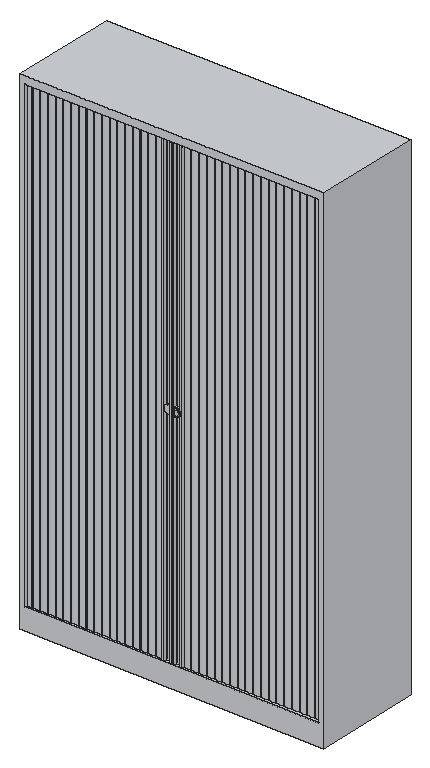
Revit family "EuroTambours_Double", category Furniture, Revit 2016
Family settings
  OmniClass Number = 23.40.20.00
  OmniClass Title = General Furniture and Specialties
  Work Plane-Based = No
  Always vertical = Yes
  Cut with Voids When Loaded = No
  Shared = No
  Room Calculation Point = No
Parameters (values of type "ET412/19")
  Width = 1200 mm
  Tambour array = 18
  Start door height = -5 mm
  Plinth height = 85 mm
  Height = 1980 mm
  Doors height = Height - Plinth height - 13 mm - 3 mm - 3 mm - 30 mm + Start door height  # 1841 mm
  Depth = 430 mm
Reference planes
  plane 1 "Center (Front/Back)": y = 0
  plane 2: z = 7
  plane 3 "Center (Left/Right)": x = 0
  plane 4: x = -600
  plane 5: x = 600
  plane 6: y = 195
  plane 7: y = -235
  plane 8: z = 1987
  plane 9: z = 20
  plane 10: z = 105
  plane 11: x = -580
  plane 12: x = 580
  plane 13: y = 190
  plane 14: x = 477
  plane 15: y = -215
  plane 16: z = 108
  plane 17: x = -477
  plane 18: x = 420
  plane 19: x = -420
  plane 20: y = -190
  plane 21: y = 150
  plane 22: z = 974
  plane 23: z = 1003.5
  plane 24: z = 1003.5
Forms (mm)
  Extrusion 1, solid
    sketch origin (0, 0, 7) x (1, 0, 0) y (0, 1, 0)
      loop
        line (-600, 195) -> (-600, -235) -> (600, -235) -> (600, 195) -> (-600, 195)
    from 13 to 1980
  Extrusion 2, void
    sketch origin (0, 0, 0) x (1, 0, 0) y (0, 0, 1)
      loop
        line (-580, 1957) -> (-580, 105) -> (580, 105) -> (580, 1957) -> (-580, 1957)
    from -190 to 235
  Extrusion 3, solid, not visible
    sketch origin (-14, 0, -11.486) x (0, 0, -1) y (0, -1, 0)
      loop
        line (-375, 215) -> (-73.486, 215) -> (-73.486, 235) -> (-323.022, 235) -> (-358, 216.402) -> (-373.358, 216.402) -> (-373.358, 233.251) -> (-358, 233.251) -> (-358, 235) -> (-375, 235) -> (-375, 215)
    from -391 to 363
  Extrusion 4, solid
    sketch origin (0, 0, 7) x (1, 0, 0) y (0, 1, 0)
      loop
        circle (420, 150) r 25
      loop
        circle (420, -190) r 25
      loop
        circle (-420, -190) r 25
      loop
        circle (-420, 150) r 25
    from 0 to 9
  Extrusion 5, solid
    sketch origin (0, 0, 7) x (1, 0, 0) y (0, 1, 0)
      loop
        circle (-420, 150) r 10
      loop
        circle (420, 150) r 10
      loop
        circle (420, -190) r 10
      loop
        circle (-420, -190) r 10
    from 9 to 13
  Extrusion 6, solid
    sketch origin (264.655, -137.294, 113) x (1, 0, 0) y (0, 1, 0)
      loop
        line (-264.322, -77.42) -> (-264.322, -96.46)
        arc (-264.322, -96.46) -> (-264.041, -97.139) -> (-263.362, -97.42) r 0.96
        line (-263.362, -97.42) -> (-258.275, -97.42)
        arc (-258.275, -97.42) -> (-257.601, -97.141) -> (-257.322, -96.468) r 0.953
        line (-257.322, -96.468) -> (-257.322, -88.389)
        arc (-257.322, -88.389) -> (-256.452, -86.29) -> (-254.353, -85.42) r 2.969
        line (-254.353, -85.42) -> (-235.314, -85.42)
        arc (-235.314, -85.42) -> (-233.199, -86.297) -> (-232.322, -88.413) r 2.992
        line (-232.322, -88.413) -> (-232.322, -96.414)
        arc (-232.322, -96.414) -> (-232.027, -97.126) -> (-231.315, -97.42) r 1.007
        line (-231.315, -97.42) -> (-226.368, -97.42)
        arc (-226.368, -97.42) -> (-225.628, -97.114) -> (-225.322, -96.374) r 1.046
        line (-225.322, -96.374) -> (-225.322, -77.42) -> (-264.322, -77.42)
    from -5 <- "Start door height" to 1841 <- "Doors height"
  Extrusion 7, solid
    sketch origin (255.156, -5.624, 113) x (1, 0, 0) y (0, 1, 0)
      loop
        line (-185.435, -220.343) -> (-184.495, -218.714) -> (-191.548, -214.133) -> (-212.909, -214.133) -> (-213.846, -217.63) -> (-215.08, -219.737)
        arc (-215.08, -219.737) -> (-215.096, -220.129) -> (-214.779, -220.36) r 0.417
        arc (-214.779, -220.36) -> (-200.106, -221.403) -> (-185.435, -220.343) r 102.932
    from -5 <- "Start door height" to 1841 <- "Doors height"
  Extrusion 8, solid
    sketch origin (285.658, -5.624, 113) x (1, 0, 0) y (0, 1, 0)
      loop
        line (-185.435, -220.343) -> (-184.495, -218.714) -> (-191.548, -214.133) -> (-212.909, -214.133) -> (-213.846, -217.63) -> (-215.08, -219.737)
        arc (-215.08, -219.737) -> (-215.096, -220.129) -> (-214.779, -220.36) r 0.417
        arc (-214.779, -220.36) -> (-200.106, -221.403) -> (-185.435, -220.343) r 102.932
    from -5 <- "Start door height" to 1841 <- "Doors height"
  Extrusion 9, solid
    sketch origin (316.159, -5.624, 113) x (1, 0, 0) y (0, 1, 0)
      loop
        line (-185.435, -220.343) -> (-184.495, -218.714) -> (-191.548, -214.133) -> (-212.909, -214.133) -> (-213.846, -217.63) -> (-215.08, -219.737)
        arc (-215.08, -219.737) -> (-215.096, -220.129) -> (-214.779, -220.36) r 0.417
        arc (-214.779, -220.36) -> (-200.106, -221.403) -> (-185.435, -220.343) r 102.932
    from -5 <- "Start door height" to 1841 <- "Doors height"
  Extrusion 10, solid
    sketch origin (346.661, -5.624, 113) x (1, 0, 0) y (0, 1, 0)
      loop
        line (-185.435, -220.343) -> (-184.495, -218.714) -> (-191.548, -214.133) -> (-212.909, -214.133) -> (-213.846, -217.63) -> (-215.08, -219.737)
        arc (-215.08, -219.737) -> (-215.096, -220.129) -> (-214.779, -220.36) r 0.417
        arc (-214.779, -220.36) -> (-200.106, -221.403) -> (-185.435, -220.343) r 102.932
    from -5 <- "Start door height" to 1841 <- "Doors height"
  Extrusion 11, solid
    sketch origin (377.163, -5.624, 113) x (1, 0, 0) y (0, 1, 0)
      loop
        line (-185.435, -220.343) -> (-184.495, -218.714) -> (-191.548, -214.133) -> (-212.909, -214.133) -> (-213.846, -217.63) -> (-215.08, -219.737)
        arc (-215.08, -219.737) -> (-215.096, -220.129) -> (-214.779, -220.36) r 0.417
        arc (-214.779, -220.36) -> (-200.106, -221.403) -> (-185.435, -220.343) r 102.932
    from -5 <- "Start door height" to 1841 <- "Doors height"
  Extrusion 12, solid
    sketch origin (407.665, -5.624, 113) x (1, 0, 0) y (0, 1, 0)
      loop
        line (-185.435, -220.343) -> (-184.495, -218.714) -> (-191.548, -214.133) -> (-212.909, -214.133) -> (-213.846, -217.63) -> (-215.08, -219.737)
        arc (-215.08, -219.737) -> (-215.096, -220.129) -> (-214.779, -220.36) r 0.417
        arc (-214.779, -220.36) -> (-200.106, -221.403) -> (-185.435, -220.343) r 102.932
    from -5 <- "Start door height" to 1841 <- "Doors height"
  Extrusion 13, solid
    sketch origin (438.166, -5.624, 113) x (1, 0, 0) y (0, 1, 0)
      loop
        line (-185.435, -220.343) -> (-184.495, -218.714) -> (-191.548, -214.133) -> (-212.909, -214.133) -> (-213.846, -217.63) -> (-215.08, -219.737)
        arc (-215.08, -219.737) -> (-215.096, -220.129) -> (-214.779, -220.36) r 0.417
        arc (-214.779, -220.36) -> (-200.106, -221.403) -> (-185.435, -220.343) r 102.932
    from -5 <- "Start door height" to 1841 <- "Doors height"
  Extrusion 14, solid
    sketch origin (468.668, -5.624, 113) x (1, 0, 0) y (0, 1, 0)
      loop
        line (-185.435, -220.343) -> (-184.495, -218.714) -> (-191.548, -214.133) -> (-212.909, -214.133) -> (-213.846, -217.63) -> (-215.08, -219.737)
        arc (-215.08, -219.737) -> (-215.096, -220.129) -> (-214.779, -220.36) r 0.417
        arc (-214.779, -220.36) -> (-200.106, -221.403) -> (-185.435, -220.343) r 102.932
    from -5 <- "Start door height" to 1841 <- "Doors height"
  Extrusion 15, solid
    sketch origin (499.17, -5.624, 113) x (1, 0, 0) y (0, 1, 0)
      loop
        line (-185.435, -220.343) -> (-184.495, -218.714) -> (-191.548, -214.133) -> (-212.909, -214.133) -> (-213.846, -217.63) -> (-215.08, -219.737)
        arc (-215.08, -219.737) -> (-215.096, -220.129) -> (-214.779, -220.36) r 0.417
        arc (-214.779, -220.36) -> (-200.106, -221.403) -> (-185.435, -220.343) r 102.932
    from -5 <- "Start door height" to 1841 <- "Doors height"
  Extrusion 16, solid
    sketch origin (529.671, -5.624, 113) x (1, 0, 0) y (0, 1, 0)
      loop
        line (-185.435, -220.343) -> (-184.495, -218.714) -> (-191.548, -214.133) -> (-212.909, -214.133) -> (-213.846, -217.63) -> (-215.08, -219.737)
        arc (-215.08, -219.737) -> (-215.096, -220.129) -> (-214.779, -220.36) r 0.417
        arc (-214.779, -220.36) -> (-200.106, -221.403) -> (-185.435, -220.343) r 102.932
    from -5 <- "Start door height" to 1841 <- "Doors height"
  Extrusion 17, solid
    sketch origin (378.522, -222.715, 0) x (1, 0, 0) y (0, 0, 1)
      loop
        circle (-357.536, 1003.5) r 12.707
    from 0 to 12.484
  Extrusion 18, solid
    sketch origin (379.047, -222.715, -0.001) x (1, 0, 0) y (0, 0, 1)
      loop
        circle (-357.889, 1003.5) r 8.648
    from 0 to 14.49
  Extrusion 19, solid
    sketch origin (378.522, -222.715, 0) x (1, 0, 0) y (0, 0, 1)
      loop
        line (-372.081, 1021.827) -> (-372.081, 985.173)
        spline (-372.081, 985.173) -> (-366.297, 985.987) -> (-361.407, 987.068) -> (-357.326, 988.355) -> (-353.969, 989.782) -> (-351.252, 991.286) -> (-349.09, 992.802) -> (-347.398, 994.267) -> (-346.099, 995.652) -> (-345.149, 997.09) -> (-344.513, 998.759) -> (-344.156, 1000.837) -> (-344.045, 1003.5)
        spline (-344.045, 1003.5) -> (-344.156, 1006.163) -> (-344.513, 1008.241) -> (-345.149, 1009.91) -> (-346.099, 1011.348) -> (-347.398, 1012.733) -> (-349.09, 1014.198) -> (-351.252, 1015.714) -> (-353.969, 1017.218) -> (-357.326, 1018.645) -> (-361.407, 1019.932) -> (-366.297, 1021.013) -> (-372.081, 1021.827)
    from 0 to 10
  Extrusion 20, solid
    sketch origin (560.173, -5.624, 113) x (1, 0, 0) y (0, 1, 0)
      loop
        line (-185.435, -220.343) -> (-184.495, -218.714) -> (-191.548, -214.133) -> (-212.909, -214.133) -> (-213.846, -217.63) -> (-215.08, -219.737)
        arc (-215.08, -219.737) -> (-215.096, -220.129) -> (-214.779, -220.36) r 0.417
        arc (-214.779, -220.36) -> (-200.106, -221.403) -> (-185.435, -220.343) r 102.932
    from -5 <- "Start door height" to 1841 <- "Doors height"
  Extrusion 21, solid
    sketch origin (-264.655, -137.294, 113) x (-1, 0, 0) y (0, -1, 0)
      loop
        line (-264.322, 77.42) -> (-225.322, 77.42) -> (-225.322, 96.374)
        arc (-225.322, 96.374) -> (-225.628, 97.114) -> (-226.368, 97.42) r 1.046
        line (-226.368, 97.42) -> (-231.315, 97.42)
        arc (-231.315, 97.42) -> (-232.027, 97.126) -> (-232.322, 96.414) r 1.007
        line (-232.322, 96.414) -> (-232.322, 88.413)
        arc (-232.322, 88.413) -> (-233.199, 86.297) -> (-235.314, 85.42) r 2.992
        line (-235.314, 85.42) -> (-254.353, 85.42)
        arc (-254.353, 85.42) -> (-256.452, 86.29) -> (-257.322, 88.389) r 2.969
        line (-257.322, 88.389) -> (-257.322, 96.468)
        arc (-257.322, 96.468) -> (-257.601, 97.141) -> (-258.275, 97.42) r 0.953
        line (-258.275, 97.42) -> (-263.362, 97.42)
        arc (-263.362, 97.42) -> (-264.041, 97.139) -> (-264.322, 96.46) r 0.96
        line (-264.322, 96.46) -> (-264.322, 77.42)
    from -5 <- "Start door height" to 1841 <- "Doors height"
  Extrusion 22, solid
    sketch origin (773.685, -5.624, 113) x (1, 0, 0) y (0, 1, 0)
      loop
        arc (-843.406, -220.343) -> (-828.735, -221.403) -> (-814.062, -220.36) r 102.932
        arc (-814.062, -220.36) -> (-813.745, -220.129) -> (-813.761, -219.737) r 0.417
        line (-813.761, -219.737) -> (-814.995, -217.63) -> (-815.932, -214.133) -> (-837.293, -214.133) -> (-844.346, -218.714) -> (-843.406, -220.343)
    from -5 <- "Start door height" to 1841 <- "Doors height"
  Extrusion 23, solid
    sketch origin (-378.522, -222.715, 0) x (-1, 0, 0) y (0, 0, -1)
      loop
        spline (-372.081, -1021.827) -> (-366.297, -1021.013) -> (-361.407, -1019.932) -> (-357.326, -1018.645) -> (-353.969, -1017.218) -> (-351.252, -1015.714) -> (-349.09, -1014.198) -> (-347.398, -1012.733) -> (-346.099, -1011.348) -> (-345.149, -1009.91) -> (-344.513, -1008.241) -> (-344.156, -1006.163) -> (-344.045, -1003.5)
        spline (-344.045, -1003.5) -> (-344.156, -1000.837) -> (-344.513, -998.759) -> (-345.149, -997.09) -> (-346.099, -995.652) -> (-347.398, -994.267) -> (-349.09, -992.802) -> (-351.252, -991.286) -> (-353.969, -989.782) -> (-357.326, -988.355) -> (-361.407, -987.068) -> (-366.297, -985.987) -> (-372.081, -985.173)
        line (-372.081, -985.173) -> (-372.081, -1021.827)
    from 0 to 10
  Extrusion 24, solid
    sketch origin (590.675, -5.624, 113) x (1, 0, 0) y (0, 1, 0)
      loop
        line (-185.435, -220.343) -> (-184.495, -218.714) -> (-191.548, -214.133) -> (-212.909, -214.133) -> (-213.846, -217.63) -> (-215.08, -219.737)
        arc (-215.08, -219.737) -> (-215.096, -220.129) -> (-214.779, -220.36) r 0.417
        arc (-214.779, -220.36) -> (-200.106, -221.403) -> (-185.435, -220.343) r 102.932
    from -5 <- "Start door height" to 1841 <- "Doors height"
  Extrusion 25, solid
    sketch origin (621.177, -5.624, 113) x (1, 0, 0) y (0, 1, 0)
      loop
        line (-185.435, -220.343) -> (-184.495, -218.714) -> (-191.548, -214.133) -> (-212.909, -214.133) -> (-213.846, -217.63) -> (-215.08, -219.737)
        arc (-215.08, -219.737) -> (-215.096, -220.129) -> (-214.779, -220.36) r 0.417
        arc (-214.779, -220.36) -> (-200.106, -221.403) -> (-185.435, -220.343) r 102.932
    from -5 <- "Start door height" to 1841 <- "Doors height"
  Extrusion 26, solid
    sketch origin (651.678, -5.624, 113) x (1, 0, 0) y (0, 1, 0)
      loop
        line (-185.435, -220.343) -> (-184.495, -218.714) -> (-191.548, -214.133) -> (-212.909, -214.133) -> (-213.846, -217.63) -> (-215.08, -219.737)
        arc (-215.08, -219.737) -> (-215.096, -220.129) -> (-214.779, -220.36) r 0.417
        arc (-214.779, -220.36) -> (-200.106, -221.403) -> (-185.435, -220.343) r 102.932
    from -5 <- "Start door height" to 1841 <- "Doors height"
  Extrusion 27, solid
    sketch origin (682.18, -5.624, 113) x (1, 0, 0) y (0, 1, 0)
      loop
        line (-185.435, -220.343) -> (-184.495, -218.714) -> (-191.548, -214.133) -> (-212.909, -214.133) -> (-213.846, -217.63) -> (-215.08, -219.737)
        arc (-215.08, -219.737) -> (-215.096, -220.129) -> (-214.779, -220.36) r 0.417
        arc (-214.779, -220.36) -> (-200.106, -221.403) -> (-185.435, -220.343) r 102.932
    from -5 <- "Start door height" to 1841 <- "Doors height"
  Extrusion 28, solid
    sketch origin (743.187, -5.624, 113) x (1, 0, 0) y (0, 1, 0)
      loop
        arc (-843.406, -220.343) -> (-828.735, -221.403) -> (-814.062, -220.36) r 102.932
        arc (-814.062, -220.36) -> (-813.745, -220.129) -> (-813.761, -219.737) r 0.417
        line (-813.761, -219.737) -> (-814.995, -217.63) -> (-815.932, -214.133) -> (-837.293, -214.133) -> (-844.346, -218.714) -> (-843.406, -220.343)
    from -5 <- "Start door height" to 1841 <- "Doors height"
  Extrusion 29, solid
    sketch origin (712.688, -5.624, 113) x (1, 0, 0) y (0, 1, 0)
      loop
        arc (-843.406, -220.343) -> (-828.735, -221.403) -> (-814.062, -220.36) r 102.932
        arc (-814.062, -220.36) -> (-813.745, -220.129) -> (-813.761, -219.737) r 0.417
        line (-813.761, -219.737) -> (-814.995, -217.63) -> (-815.932, -214.133) -> (-837.293, -214.133) -> (-844.346, -218.714) -> (-843.406, -220.343)
    from -5 <- "Start door height" to 1841 <- "Doors height"
  Extrusion 30, solid
    sketch origin (682.189, -5.624, 113) x (1, 0, 0) y (0, 1, 0)
      loop
        arc (-843.406, -220.343) -> (-828.735, -221.403) -> (-814.062, -220.36) r 102.932
        arc (-814.062, -220.36) -> (-813.745, -220.129) -> (-813.761, -219.737) r 0.417
        line (-813.761, -219.737) -> (-814.995, -217.63) -> (-815.932, -214.133) -> (-837.293, -214.133) -> (-844.346, -218.714) -> (-843.406, -220.343)
    from -5 <- "Start door height" to 1841 <- "Doors height"
  Extrusion 31, solid
    sketch origin (651.691, -5.624, 113) x (1, 0, 0) y (0, 1, 0)
      loop
        arc (-843.406, -220.343) -> (-828.735, -221.403) -> (-814.062, -220.36) r 102.932
        arc (-814.062, -220.36) -> (-813.745, -220.129) -> (-813.761, -219.737) r 0.417
        line (-813.761, -219.737) -> (-814.995, -217.63) -> (-815.932, -214.133) -> (-837.293, -214.133) -> (-844.346, -218.714) -> (-843.406, -220.343)
    from -5 <- "Start door height" to 1841 <- "Doors height"
  Extrusion 32, solid
    sketch origin (621.192, -5.624, 113) x (1, 0, 0) y (0, 1, 0)
      loop
        arc (-843.406, -220.343) -> (-828.735, -221.403) -> (-814.062, -220.36) r 102.932
        arc (-814.062, -220.36) -> (-813.745, -220.129) -> (-813.761, -219.737) r 0.417
        line (-813.761, -219.737) -> (-814.995, -217.63) -> (-815.932, -214.133) -> (-837.293, -214.133) -> (-844.346, -218.714) -> (-843.406, -220.343)
    from -5 <- "Start door height" to 1841 <- "Doors height"
  Extrusion 33, solid
    sketch origin (590.693, -5.624, 113) x (1, 0, 0) y (0, 1, 0)
      loop
        arc (-843.406, -220.343) -> (-828.735, -221.403) -> (-814.062, -220.36) r 102.932
        arc (-814.062, -220.36) -> (-813.745, -220.129) -> (-813.761, -219.737) r 0.417
        line (-813.761, -219.737) -> (-814.995, -217.63) -> (-815.932, -214.133) -> (-837.293, -214.133) -> (-844.346, -218.714) -> (-843.406, -220.343)
    from -5 <- "Start door height" to 1841 <- "Doors height"
  Extrusion 34, solid
    sketch origin (560.195, -5.624, 113) x (1, 0, 0) y (0, 1, 0)
      loop
        arc (-843.406, -220.343) -> (-828.735, -221.403) -> (-814.062, -220.36) r 102.932
        arc (-814.062, -220.36) -> (-813.745, -220.129) -> (-813.761, -219.737) r 0.417
        line (-813.761, -219.737) -> (-814.995, -217.63) -> (-815.932, -214.133) -> (-837.293, -214.133) -> (-844.346, -218.714) -> (-843.406, -220.343)
    from -5 <- "Start door height" to 1841 <- "Doors height"
  Extrusion 35, solid
    sketch origin (529.696, -5.624, 113) x (1, 0, 0) y (0, 1, 0)
      loop
        arc (-843.406, -220.343) -> (-828.735, -221.403) -> (-814.062, -220.36) r 102.932
        arc (-814.062, -220.36) -> (-813.745, -220.129) -> (-813.761, -219.737) r 0.417
        line (-813.761, -219.737) -> (-814.995, -217.63) -> (-815.932, -214.133) -> (-837.293, -214.133) -> (-844.346, -218.714) -> (-843.406, -220.343)
    from -5 <- "Start door height" to 1841 <- "Doors height"
  Extrusion 36, solid
    sketch origin (499.198, -5.624, 113) x (1, 0, 0) y (0, 1, 0)
      loop
        arc (-843.406, -220.343) -> (-828.735, -221.403) -> (-814.062, -220.36) r 102.932
        arc (-814.062, -220.36) -> (-813.745, -220.129) -> (-813.761, -219.737) r 0.417
        line (-813.761, -219.737) -> (-814.995, -217.63) -> (-815.932, -214.133) -> (-837.293, -214.133) -> (-844.346, -218.714) -> (-843.406, -220.343)
    from -5 <- "Start door height" to 1841 <- "Doors height"
  Extrusion 37, solid
    sketch origin (468.699, -5.624, 113) x (1, 0, 0) y (0, 1, 0)
      loop
        arc (-843.406, -220.343) -> (-828.735, -221.403) -> (-814.062, -220.36) r 102.932
        arc (-814.062, -220.36) -> (-813.745, -220.129) -> (-813.761, -219.737) r 0.417
        line (-813.761, -219.737) -> (-814.995, -217.63) -> (-815.932, -214.133) -> (-837.293, -214.133) -> (-844.346, -218.714) -> (-843.406, -220.343)
    from -5 <- "Start door height" to 1841 <- "Doors height"
  Extrusion 38, solid
    sketch origin (438.2, -5.624, 113) x (1, 0, 0) y (0, 1, 0)
      loop
        arc (-843.406, -220.343) -> (-828.735, -221.403) -> (-814.062, -220.36) r 102.932
        arc (-814.062, -220.36) -> (-813.745, -220.129) -> (-813.761, -219.737) r 0.417
        line (-813.761, -219.737) -> (-814.995, -217.63) -> (-815.932, -214.133) -> (-837.293, -214.133) -> (-844.346, -218.714) -> (-843.406, -220.343)
    from -5 <- "Start door height" to 1841 <- "Doors height"
  Extrusion 39, solid
    sketch origin (407.702, -5.624, 113) x (1, 0, 0) y (0, 1, 0)
      loop
        arc (-843.406, -220.343) -> (-828.735, -221.403) -> (-814.062, -220.36) r 102.932
        arc (-814.062, -220.36) -> (-813.745, -220.129) -> (-813.761, -219.737) r 0.417
        line (-813.761, -219.737) -> (-814.995, -217.63) -> (-815.932, -214.133) -> (-837.293, -214.133) -> (-844.346, -218.714) -> (-843.406, -220.343)
    from -5 <- "Start door height" to 1841 <- "Doors height"
  Extrusion 40, solid
    sketch origin (377.203, -5.624, 113) x (1, 0, 0) y (0, 1, 0)
      loop
        arc (-843.406, -220.343) -> (-828.735, -221.403) -> (-814.062, -220.36) r 102.932
        arc (-814.062, -220.36) -> (-813.745, -220.129) -> (-813.761, -219.737) r 0.417
        line (-813.761, -219.737) -> (-814.995, -217.63) -> (-815.932, -214.133) -> (-837.293, -214.133) -> (-844.346, -218.714) -> (-843.406, -220.343)
    from -5 <- "Start door height" to 1841 <- "Doors height"
  Extrusion 41, solid
    sketch origin (346.704, -5.624, 113) x (1, 0, 0) y (0, 1, 0)
      loop
        arc (-843.406, -220.343) -> (-828.735, -221.403) -> (-814.062, -220.36) r 102.932
        arc (-814.062, -220.36) -> (-813.745, -220.129) -> (-813.761, -219.737) r 0.417
        line (-813.761, -219.737) -> (-814.995, -217.63) -> (-815.932, -214.133) -> (-837.293, -214.133) -> (-844.346, -218.714) -> (-843.406, -220.343)
    from -5 <- "Start door height" to 1841 <- "Doors height"
  Extrusion 42, solid
    sketch origin (712.682, -5.624, 113) x (1, 0, 0) y (0, 1, 0)
      loop
        line (-185.435, -220.343) -> (-184.495, -218.714) -> (-191.548, -214.133) -> (-212.909, -214.133) -> (-213.846, -217.63) -> (-215.08, -219.737)
        arc (-215.08, -219.737) -> (-215.096, -220.129) -> (-214.779, -220.36) r 0.417
        arc (-214.779, -220.36) -> (-200.106, -221.403) -> (-185.435, -220.343) r 102.932
    from -5 <- "Start door height" to 1841 <- "Doors height"
  Extrusion 43, solid
    sketch origin (743.183, -5.624, 113) x (1, 0, 0) y (0, 1, 0)
      loop
        line (-185.435, -220.343) -> (-184.495, -218.714) -> (-191.548, -214.133) -> (-212.909, -214.133) -> (-213.846, -217.63) -> (-215.08, -219.737)
        arc (-215.08, -219.737) -> (-215.096, -220.129) -> (-214.779, -220.36) r 0.417
        arc (-214.779, -220.36) -> (-200.106, -221.403) -> (-185.435, -220.343) r 102.932
    from -5 <- "Start door height" to 1841 <- "Doors height"
  Extrusion 44, solid
    sketch origin (773.685, -5.624, 113) x (1, 0, 0) y (0, 1, 0)
      loop
        line (-185.435, -220.343) -> (-184.495, -218.714) -> (-191.548, -214.133) -> (-212.909, -214.133) -> (-213.846, -217.63) -> (-215.08, -219.737)
        arc (-215.08, -219.737) -> (-215.096, -220.129) -> (-214.779, -220.36) r 0.417
        arc (-214.779, -220.36) -> (-200.106, -221.403) -> (-185.435, -220.343) r 102.932
    from -5 <- "Start door height" to 1841 <- "Doors height"
  Extrusion 45, solid
    sketch origin (316.206, -5.624, 113) x (1, 0, 0) y (0, 1, 0)
      loop
        arc (-843.406, -220.343) -> (-828.735, -221.403) -> (-814.062, -220.36) r 102.932
        arc (-814.062, -220.36) -> (-813.745, -220.129) -> (-813.761, -219.737) r 0.417
        line (-813.761, -219.737) -> (-814.995, -217.63) -> (-815.932, -214.133) -> (-837.293, -214.133) -> (-844.346, -218.714) -> (-843.406, -220.343)
    from -5 <- "Start door height" to 1841 <- "Doors height"
  Extrusion 46, solid
    sketch origin (285.707, -5.624, 113) x (1, 0, 0) y (0, 1, 0)
      loop
        arc (-843.406, -220.343) -> (-828.735, -221.403) -> (-814.062, -220.36) r 102.932
        arc (-814.062, -220.36) -> (-813.745, -220.129) -> (-813.761, -219.737) r 0.417
        line (-813.761, -219.737) -> (-814.995, -217.63) -> (-815.932, -214.133) -> (-837.293, -214.133) -> (-844.346, -218.714) -> (-843.406, -220.343)
    from -5 <- "Start door height" to 1841 <- "Doors height"
  Extrusion 47, solid
    sketch origin (255.209, -5.624, 113) x (1, 0, 0) y (0, 1, 0)
      loop
        arc (-843.406, -220.343) -> (-828.735, -221.403) -> (-814.062, -220.36) r 102.932
        arc (-814.062, -220.36) -> (-813.745, -220.129) -> (-813.761, -219.737) r 0.417
        line (-813.761, -219.737) -> (-814.995, -217.63) -> (-815.932, -214.133) -> (-837.293, -214.133) -> (-844.346, -218.714) -> (-843.406, -220.343)
    from -5 <- "Start door height" to 1841 <- "Doors height"
Cuts and joins
  Extrusion 2 cuts Extrusion 1
Dimensions and locks
  equal spacing: plane 4, plane 3 "Center (Left/Right)", plane 5
  "Width": plane 4 to plane 5
  "Depth": plane 6 to plane 7
  plane 9 to level = 13 mm
  "Plinth height": plane 10 to plane 9
  locked: plane 11 to plane 4 at 20
  locked: plane 5 to plane 12 at 20
  "Height": plane 8 to level
  locked: plane 13 to plane 6 at 5
  plane 3 "Center (Left/Right)" to plane 14 = 477 mm
  locked: plane 15 to cut or joined group of Extrusion 1, Extrusion 2 at 20
  cut or joined group of Extrusion 1, Extrusion 2 to plane 19 = 180 mm
  plane 18 to cut or joined group of Extrusion 1, Extrusion 2 = 180 mm
  plane 20 to plane 7 = 45 mm
  plane 6 to plane 21 = 45 mm
  equal spacing: plane 14, plane 3 "Center (Left/Right)", plane 17
  cut or joined group of Extrusion 1, Extrusion 2 to plane 17 = 103 mm
  level to cut or joined group of Extrusion 1, Extrusion 2 = 13 mm
  locked: cut or joined group of Extrusion 1, Extrusion 2 to cut or joined group of Extrusion 1, Extrusion 2 at 30
  equal spacing: plane 8, plane 23, plane 9
  equal spacing: group 2, group 3, group 4, group 5, group 6, group 7, group 8, group 9, group 10, group 11, group 12, group 13, group 14, group 15, group 16, group 32, group 33, group 34  (x3)
  equal spacing: plane 8, plane 24, plane 9
  locked: plane 7 to plane 1 "Center (Front/Back)" at 235
  locked: plane 16 to plane 10 at 3
  equal spacing: group 37, group 36, group 35, group 31, group 30, group 29, group 28, group 27, group 26, group 25, group 24, group 23, group 22, group 21, group 20, group 19, group 18, group 17
  equal spacing: group 17, group 18, group 19, group 20, group 21, group 22, group 23, group 24, group 25, group 26, group 27, group 28, group 29, group 30, group 31, group 35, group 36, group 37  (x2)
  aligned and locked: level to plane 2
  aligned and locked: Extrusion 1 sketch curve to plane 6
  aligned and locked: plane 4 to Extrusion 1 sketch curve
  aligned and locked: plane 7 to Extrusion 1 sketch curve
  aligned and locked: Extrusion 1 sketch curve to plane 5
  aligned and locked: Extrusion 1 to plane 9
  aligned and locked: plane 8 to Extrusion 1
  aligned and locked: plane 11 to Extrusion 2 sketch curve
  aligned and locked: Extrusion 2 sketch curve to plane 10
  aligned and locked: Extrusion 2 sketch curve to plane 12
  aligned and locked: Extrusion 2 to plane 7
  aligned and locked: Extrusion 2 to plane 13
Automatic sketch dimensions
  Extrusion 3 sketch curve to Extrusion 3 sketch curve = 1.642 mm
  Extrusion 3 sketch curve to Extrusion 3 sketch curve = 15.358 mm  (x2)
  Extrusion 3 sketch curve to Extrusion 3 sketch curve = 34.978 mm
  Extrusion 3 sketch curve to Extrusion 3 sketch curve = 249.536 mm
  Extrusion 3 sketch curve to Extrusion 3 sketch curve = 1.402 mm
  Extrusion 3 sketch curve to Extrusion 3 sketch curve = 16.849 mm
  Extrusion 3 sketch curve to Extrusion 3 sketch curve = 1.749 mm
  Extrusion 3 sketch curve to Extrusion 3 sketch curve = 0 mm
  Extrusion 7 sketch curve to Extrusion 7 sketch curve = 0.36 mm
  Extrusion 7 sketch curve to Extrusion 7 sketch curve = 1.234 mm
  Extrusion 7 sketch curve to Extrusion 7 sketch curve = 0.937 mm
  Extrusion 7 sketch curve to Extrusion 7 sketch curve = 0.94 mm
  Extrusion 7 sketch curve to Extrusion 7 sketch curve = 0.211 mm
  Extrusion 7 sketch curve to Extrusion 7 sketch curve = 6.209 mm
  Extrusion 7 sketch curve to Extrusion 7 sketch curve = 1.629 mm
  Extrusion 7 sketch curve to Extrusion 7 sketch curve = 12.741 mm
  Extrusion 7 sketch curve to Extrusion 7 sketch curve = 21.361 mm
  Extrusion 7 sketch curve to Extrusion 7 sketch curve = 6.113 mm
  Extrusion 7 sketch curve to Extrusion 7 sketch curve = 5.814 mm
  Extrusion 7 sketch curve to Extrusion 7 sketch curve = 2.107 mm
  Extrusion 7 sketch curve to Extrusion 7 sketch curve = 95.662 mm
  Extrusion 8 sketch curve to Extrusion 8 sketch curve = 0.36 mm
  Extrusion 8 sketch curve to Extrusion 8 sketch curve = 1.234 mm
  Extrusion 8 sketch curve to Extrusion 8 sketch curve = 0.937 mm
  Extrusion 8 sketch curve to Extrusion 8 sketch curve = 0.94 mm
  Extrusion 8 sketch curve to Extrusion 8 sketch curve = 0.211 mm
  Extrusion 8 sketch curve to Extrusion 8 sketch curve = 6.209 mm
  Extrusion 8 sketch curve to Extrusion 8 sketch curve = 1.629 mm
  Extrusion 8 sketch curve to Extrusion 8 sketch curve = 12.741 mm
  Extrusion 8 sketch curve to Extrusion 8 sketch curve = 21.361 mm
  Extrusion 8 sketch curve to Extrusion 8 sketch curve = 6.113 mm
  Extrusion 8 sketch curve to Extrusion 8 sketch curve = 5.814 mm
  Extrusion 8 sketch curve to Extrusion 8 sketch curve = 2.107 mm
  Extrusion 8 sketch curve to Extrusion 8 sketch curve = 95.662 mm
  Extrusion 9 sketch curve to Extrusion 9 sketch curve = 0.36 mm
  Extrusion 9 sketch curve to Extrusion 9 sketch curve = 1.234 mm
  Extrusion 9 sketch curve to Extrusion 9 sketch curve = 0.937 mm
  Extrusion 9 sketch curve to Extrusion 9 sketch curve = 0.94 mm
  Extrusion 9 sketch curve to Extrusion 9 sketch curve = 0.211 mm
  Extrusion 9 sketch curve to Extrusion 9 sketch curve = 6.209 mm
  Extrusion 9 sketch curve to Extrusion 9 sketch curve = 1.629 mm
  Extrusion 9 sketch curve to Extrusion 9 sketch curve = 12.741 mm
  Extrusion 9 sketch curve to Extrusion 9 sketch curve = 21.361 mm
  Extrusion 9 sketch curve to Extrusion 9 sketch curve = 6.113 mm
  Extrusion 9 sketch curve to Extrusion 9 sketch curve = 5.814 mm
  Extrusion 9 sketch curve to Extrusion 9 sketch curve = 2.107 mm
  Extrusion 9 sketch curve to Extrusion 9 sketch curve = 95.662 mm
  Extrusion 10 sketch curve to Extrusion 10 sketch curve = 0.36 mm
  Extrusion 10 sketch curve to Extrusion 10 sketch curve = 1.234 mm
  Extrusion 10 sketch curve to Extrusion 10 sketch curve = 0.937 mm
  Extrusion 10 sketch curve to Extrusion 10 sketch curve = 0.94 mm
  Extrusion 10 sketch curve to Extrusion 10 sketch curve = 0.211 mm
  Extrusion 10 sketch curve to Extrusion 10 sketch curve = 6.209 mm
  Extrusion 10 sketch curve to Extrusion 10 sketch curve = 1.629 mm
  Extrusion 10 sketch curve to Extrusion 10 sketch curve = 12.741 mm
  Extrusion 10 sketch curve to Extrusion 10 sketch curve = 21.361 mm
  Extrusion 10 sketch curve to Extrusion 10 sketch curve = 6.113 mm
  Extrusion 10 sketch curve to Extrusion 10 sketch curve = 5.814 mm
  Extrusion 10 sketch curve to Extrusion 10 sketch curve = 2.107 mm
  Extrusion 10 sketch curve to Extrusion 10 sketch curve = 95.662 mm
  Extrusion 11 sketch curve to Extrusion 11 sketch curve = 0.36 mm
  Extrusion 11 sketch curve to Extrusion 11 sketch curve = 1.234 mm
  Extrusion 11 sketch curve to Extrusion 11 sketch curve = 0.937 mm
  Extrusion 11 sketch curve to Extrusion 11 sketch curve = 0.94 mm
  Extrusion 11 sketch curve to Extrusion 11 sketch curve = 0.211 mm
  Extrusion 11 sketch curve to Extrusion 11 sketch curve = 6.209 mm
  Extrusion 11 sketch curve to Extrusion 11 sketch curve = 1.629 mm
  Extrusion 11 sketch curve to Extrusion 11 sketch curve = 12.741 mm
  Extrusion 11 sketch curve to Extrusion 11 sketch curve = 21.361 mm
  Extrusion 11 sketch curve to Extrusion 11 sketch curve = 6.113 mm
  Extrusion 11 sketch curve to Extrusion 11 sketch curve = 5.814 mm
  Extrusion 11 sketch curve to Extrusion 11 sketch curve = 2.107 mm
  Extrusion 11 sketch curve to Extrusion 11 sketch curve = 95.662 mm
  Extrusion 12 sketch curve to Extrusion 12 sketch curve = 0.36 mm
  Extrusion 12 sketch curve to Extrusion 12 sketch curve = 1.234 mm
  Extrusion 12 sketch curve to Extrusion 12 sketch curve = 0.937 mm
  Extrusion 12 sketch curve to Extrusion 12 sketch curve = 0.94 mm
  Extrusion 12 sketch curve to Extrusion 12 sketch curve = 0.211 mm
  Extrusion 12 sketch curve to Extrusion 12 sketch curve = 6.209 mm
  Extrusion 12 sketch curve to Extrusion 12 sketch curve = 1.629 mm
  Extrusion 12 sketch curve to Extrusion 12 sketch curve = 12.741 mm
  Extrusion 12 sketch curve to Extrusion 12 sketch curve = 21.361 mm
  Extrusion 12 sketch curve to Extrusion 12 sketch curve = 6.113 mm
  Extrusion 12 sketch curve to Extrusion 12 sketch curve = 5.814 mm
  Extrusion 12 sketch curve to Extrusion 12 sketch curve = 2.107 mm
  Extrusion 12 sketch curve to Extrusion 12 sketch curve = 95.662 mm
  Extrusion 13 sketch curve to Extrusion 13 sketch curve = 0.36 mm
  Extrusion 13 sketch curve to Extrusion 13 sketch curve = 1.234 mm
  Extrusion 13 sketch curve to Extrusion 13 sketch curve = 0.937 mm
  Extrusion 13 sketch curve to Extrusion 13 sketch curve = 0.94 mm
  Extrusion 13 sketch curve to Extrusion 13 sketch curve = 0.211 mm
  Extrusion 13 sketch curve to Extrusion 13 sketch curve = 6.209 mm
  Extrusion 13 sketch curve to Extrusion 13 sketch curve = 1.629 mm
  Extrusion 13 sketch curve to Extrusion 13 sketch curve = 12.741 mm
  Extrusion 13 sketch curve to Extrusion 13 sketch curve = 21.361 mm
  Extrusion 13 sketch curve to Extrusion 13 sketch curve = 6.113 mm
  Extrusion 13 sketch curve to Extrusion 13 sketch curve = 5.814 mm
  Extrusion 13 sketch curve to Extrusion 13 sketch curve = 2.107 mm
  Extrusion 13 sketch curve to Extrusion 13 sketch curve = 95.662 mm
  Extrusion 14 sketch curve to Extrusion 14 sketch curve = 0.36 mm
  Extrusion 14 sketch curve to Extrusion 14 sketch curve = 1.234 mm
  Extrusion 14 sketch curve to Extrusion 14 sketch curve = 0.937 mm
  Extrusion 14 sketch curve to Extrusion 14 sketch curve = 0.94 mm
  Extrusion 14 sketch curve to Extrusion 14 sketch curve = 0.211 mm
  Extrusion 14 sketch curve to Extrusion 14 sketch curve = 6.209 mm
  Extrusion 14 sketch curve to Extrusion 14 sketch curve = 1.629 mm
  Extrusion 14 sketch curve to Extrusion 14 sketch curve = 12.741 mm
  Extrusion 14 sketch curve to Extrusion 14 sketch curve = 21.361 mm
  Extrusion 14 sketch curve to Extrusion 14 sketch curve = 6.113 mm
  Extrusion 14 sketch curve to Extrusion 14 sketch curve = 5.814 mm
  Extrusion 14 sketch curve to Extrusion 14 sketch curve = 2.107 mm
  Extrusion 14 sketch curve to Extrusion 14 sketch curve = 95.662 mm
  Extrusion 15 sketch curve to Extrusion 15 sketch curve = 0.36 mm
  Extrusion 15 sketch curve to Extrusion 15 sketch curve = 1.234 mm
  Extrusion 15 sketch curve to Extrusion 15 sketch curve = 0.937 mm
  Extrusion 15 sketch curve to Extrusion 15 sketch curve = 0.94 mm
  Extrusion 15 sketch curve to Extrusion 15 sketch curve = 0.211 mm
  Extrusion 15 sketch curve to Extrusion 15 sketch curve = 6.209 mm
  Extrusion 15 sketch curve to Extrusion 15 sketch curve = 1.629 mm
  Extrusion 15 sketch curve to Extrusion 15 sketch curve = 12.741 mm
  Extrusion 15 sketch curve to Extrusion 15 sketch curve = 21.361 mm
  Extrusion 15 sketch curve to Extrusion 15 sketch curve = 6.113 mm
  Extrusion 15 sketch curve to Extrusion 15 sketch curve = 5.814 mm
  Extrusion 15 sketch curve to Extrusion 15 sketch curve = 2.107 mm
  Extrusion 15 sketch curve to Extrusion 15 sketch curve = 95.662 mm
  Extrusion 16 sketch curve to Extrusion 16 sketch curve = 0.36 mm
  Extrusion 16 sketch curve to Extrusion 16 sketch curve = 1.234 mm
  Extrusion 16 sketch curve to Extrusion 16 sketch curve = 0.937 mm
  Extrusion 16 sketch curve to Extrusion 16 sketch curve = 0.94 mm
  Extrusion 16 sketch curve to Extrusion 16 sketch curve = 0.211 mm
  Extrusion 16 sketch curve to Extrusion 16 sketch curve = 6.209 mm
  Extrusion 16 sketch curve to Extrusion 16 sketch curve = 1.629 mm
  Extrusion 16 sketch curve to Extrusion 16 sketch curve = 12.741 mm
  Extrusion 16 sketch curve to Extrusion 16 sketch curve = 21.361 mm
  Extrusion 16 sketch curve to Extrusion 16 sketch curve = 6.113 mm
  Extrusion 16 sketch curve to Extrusion 16 sketch curve = 5.814 mm
  Extrusion 16 sketch curve to Extrusion 16 sketch curve = 2.107 mm
  Extrusion 16 sketch curve to Extrusion 16 sketch curve = 95.662 mm
  Extrusion 20 sketch curve to Extrusion 20 sketch curve = 0.36 mm
  Extrusion 20 sketch curve to Extrusion 20 sketch curve = 1.234 mm
  Extrusion 20 sketch curve to Extrusion 20 sketch curve = 0.937 mm
  Extrusion 20 sketch curve to Extrusion 20 sketch curve = 0.94 mm
  Extrusion 20 sketch curve to Extrusion 20 sketch curve = 0.211 mm
  Extrusion 20 sketch curve to Extrusion 20 sketch curve = 6.209 mm
  Extrusion 20 sketch curve to Extrusion 20 sketch curve = 1.629 mm
  Extrusion 20 sketch curve to Extrusion 20 sketch curve = 12.741 mm
  Extrusion 20 sketch curve to Extrusion 20 sketch curve = 21.361 mm
  Extrusion 20 sketch curve to Extrusion 20 sketch curve = 6.113 mm
  Extrusion 20 sketch curve to Extrusion 20 sketch curve = 5.814 mm
  Extrusion 20 sketch curve to Extrusion 20 sketch curve = 2.107 mm
  Extrusion 20 sketch curve to Extrusion 20 sketch curve = 95.662 mm
  Extrusion 22 sketch curve to Extrusion 22 sketch curve = 0.36 mm
  Extrusion 22 sketch curve to Extrusion 22 sketch curve = 1.234 mm
  Extrusion 22 sketch curve to Extrusion 22 sketch curve = 0.937 mm
  Extrusion 22 sketch curve to Extrusion 22 sketch curve = 0.94 mm
  Extrusion 22 sketch curve to Extrusion 22 sketch curve = 0.211 mm
  Extrusion 22 sketch curve to Extrusion 22 sketch curve = 6.209 mm
  Extrusion 22 sketch curve to Extrusion 22 sketch curve = 1.629 mm
  Extrusion 22 sketch curve to Extrusion 22 sketch curve = 12.741 mm
  Extrusion 22 sketch curve to Extrusion 22 sketch curve = 21.361 mm
  Extrusion 22 sketch curve to Extrusion 22 sketch curve = 6.113 mm
  Extrusion 22 sketch curve to Extrusion 22 sketch curve = 5.814 mm
  Extrusion 22 sketch curve to Extrusion 22 sketch curve = 2.107 mm
  Extrusion 22 sketch curve to Extrusion 22 sketch curve = 95.662 mm
  plane 22 to Extrusion 2 sketch curve = 983 mm
  Extrusion 4 sketch curve to plane 19 = 0 mm  (x2)
  Extrusion 4 sketch curve to plane 18 = 0 mm  (x2)
  Extrusion 4 sketch curve to plane 20 = 0 mm  (x2)
  Extrusion 4 sketch curve to plane 21 = 0 mm  (x2)
  Extrusion 5 sketch curve to plane 19 = 0 mm  (x2)
  Extrusion 5 sketch curve to plane 18 = 0 mm  (x2)
  Extrusion 5 sketch curve to plane 20 = 0 mm  (x2)
  Extrusion 5 sketch curve to plane 21 = 0 mm  (x2)
  plane 3 "Center (Left/Right)" to Extrusion 6 sketch curve = 0.333 mm
  Extrusion 6 sketch curve to Extrusion 6 sketch curve = 0.96 mm
  plane 7 to Extrusion 6 sketch curve = 0.285 mm  (x2)
  Extrusion 6 sketch curve to Extrusion 6 sketch curve = 5.087 mm
  Extrusion 6 sketch curve to Extrusion 6 sketch curve = 0.953 mm
  Extrusion 6 sketch curve to Extrusion 6 sketch curve = 2.969 mm
  Extrusion 6 sketch curve to Extrusion 6 sketch curve = 19.039 mm
  Extrusion 6 sketch curve to Extrusion 6 sketch curve = 2.992 mm
  Extrusion 6 sketch curve to Extrusion 6 sketch curve = 1.007 mm
  plane 7 to Extrusion 6 sketch curve = 1.331 mm
  Extrusion 6 sketch curve to Extrusion 6 sketch curve = 4.947 mm
  Extrusion 6 sketch curve to Extrusion 6 sketch curve = 8.001 mm
  plane 15 to Extrusion 6 sketch curve = 0.285 mm
  Extrusion 17 sketch curve to plane 23 = 0 mm
  plane 3 "Center (Left/Right)" to Extrusion 17 sketch curve = 20.986 mm
  Extrusion 18 sketch curve to plane 23 = 0.001 mm
  plane 3 "Center (Left/Right)" to Extrusion 18 sketch curve = 21.157 mm
  Extrusion 19 sketch curve to plane 23 = 0 mm
  plane 3 "Center (Left/Right)" to Extrusion 19 sketch curve = 6.441 mm
  Extrusion 19 sketch curve to Extrusion 19 sketch curve = 28.036 mm
  Extrusion 19 sketch curve to plane 23 = 18.327 mm
  plane 23 to Extrusion 19 sketch curve = 18.327 mm
  Extrusion 21 sketch curve to plane 3 "Center (Left/Right)" = 0.333 mm
  Extrusion 21 sketch curve to Extrusion 21 sketch curve = 0.96 mm
  plane 7 to Extrusion 21 sketch curve = 0.285 mm  (x2)
  Extrusion 21 sketch curve to Extrusion 21 sketch curve = 5.087 mm
  Extrusion 21 sketch curve to Extrusion 21 sketch curve = 0.953 mm
  Extrusion 21 sketch curve to Extrusion 21 sketch curve = 2.969 mm
  Extrusion 21 sketch curve to Extrusion 21 sketch curve = 19.039 mm
  Extrusion 21 sketch curve to Extrusion 21 sketch curve = 2.992 mm
  Extrusion 21 sketch curve to Extrusion 21 sketch curve = 1.007 mm
  plane 7 to Extrusion 21 sketch curve = 1.331 mm
  Extrusion 21 sketch curve to Extrusion 21 sketch curve = 4.947 mm
  Extrusion 21 sketch curve to Extrusion 21 sketch curve = 8.001 mm
  plane 15 to Extrusion 21 sketch curve = 0.285 mm
  Extrusion 23 sketch curve to plane 23 = 0 mm
  Extrusion 23 sketch curve to plane 3 "Center (Left/Right)" = 6.441 mm
  Extrusion 23 sketch curve to Extrusion 23 sketch curve = 28.036 mm
  plane 23 to Extrusion 23 sketch curve = 18.327 mm
  Extrusion 23 sketch curve to plane 23 = 18.327 mm
  Extrusion 24 sketch curve to Extrusion 24 sketch curve = 0.36 mm
  Extrusion 24 sketch curve to Extrusion 24 sketch curve = 1.234 mm
  Extrusion 24 sketch curve to Extrusion 24 sketch curve = 0.937 mm
  Extrusion 24 sketch curve to Extrusion 24 sketch curve = 0.94 mm
  Extrusion 24 sketch curve to Extrusion 24 sketch curve = 0.211 mm
  Extrusion 24 sketch curve to Extrusion 24 sketch curve = 6.209 mm
  Extrusion 24 sketch curve to Extrusion 24 sketch curve = 1.629 mm
  Extrusion 24 sketch curve to Extrusion 24 sketch curve = 12.741 mm
  Extrusion 24 sketch curve to Extrusion 24 sketch curve = 21.361 mm
  Extrusion 24 sketch curve to Extrusion 24 sketch curve = 6.113 mm
  Extrusion 24 sketch curve to Extrusion 24 sketch curve = 5.814 mm
  Extrusion 24 sketch curve to Extrusion 24 sketch curve = 2.107 mm
  Extrusion 24 sketch curve to Extrusion 24 sketch curve = 95.662 mm
  Extrusion 25 sketch curve to Extrusion 25 sketch curve = 0.36 mm
  Extrusion 25 sketch curve to Extrusion 25 sketch curve = 1.234 mm
  Extrusion 25 sketch curve to Extrusion 25 sketch curve = 0.937 mm
  Extrusion 25 sketch curve to Extrusion 25 sketch curve = 0.94 mm
  Extrusion 25 sketch curve to Extrusion 25 sketch curve = 0.211 mm
  Extrusion 25 sketch curve to Extrusion 25 sketch curve = 6.209 mm
  Extrusion 25 sketch curve to Extrusion 25 sketch curve = 1.629 mm
  Extrusion 25 sketch curve to Extrusion 25 sketch curve = 12.741 mm
  Extrusion 25 sketch curve to Extrusion 25 sketch curve = 21.361 mm
  Extrusion 25 sketch curve to Extrusion 25 sketch curve = 6.113 mm
  Extrusion 25 sketch curve to Extrusion 25 sketch curve = 5.814 mm
  Extrusion 25 sketch curve to Extrusion 25 sketch curve = 2.107 mm
  Extrusion 25 sketch curve to Extrusion 25 sketch curve = 95.662 mm
  Extrusion 26 sketch curve to Extrusion 26 sketch curve = 0.36 mm
  Extrusion 26 sketch curve to Extrusion 26 sketch curve = 1.234 mm
  Extrusion 26 sketch curve to Extrusion 26 sketch curve = 0.937 mm
  Extrusion 26 sketch curve to Extrusion 26 sketch curve = 0.94 mm
  Extrusion 26 sketch curve to Extrusion 26 sketch curve = 0.211 mm
  Extrusion 26 sketch curve to Extrusion 26 sketch curve = 6.209 mm
  Extrusion 26 sketch curve to Extrusion 26 sketch curve = 1.629 mm
  Extrusion 26 sketch curve to Extrusion 26 sketch curve = 12.741 mm
  Extrusion 26 sketch curve to Extrusion 26 sketch curve = 21.361 mm
  Extrusion 26 sketch curve to Extrusion 26 sketch curve = 6.113 mm
  Extrusion 26 sketch curve to Extrusion 26 sketch curve = 5.814 mm
  Extrusion 26 sketch curve to Extrusion 26 sketch curve = 2.107 mm
  Extrusion 26 sketch curve to Extrusion 26 sketch curve = 95.662 mm
  Extrusion 27 sketch curve to Extrusion 27 sketch curve = 0.36 mm
  Extrusion 27 sketch curve to Extrusion 27 sketch curve = 1.234 mm
  Extrusion 27 sketch curve to Extrusion 27 sketch curve = 0.937 mm
  Extrusion 27 sketch curve to Extrusion 27 sketch curve = 0.94 mm
  Extrusion 27 sketch curve to Extrusion 27 sketch curve = 0.211 mm
  Extrusion 27 sketch curve to Extrusion 27 sketch curve = 6.209 mm
  Extrusion 27 sketch curve to Extrusion 27 sketch curve = 1.629 mm
  Extrusion 27 sketch curve to Extrusion 27 sketch curve = 12.741 mm
  Extrusion 27 sketch curve to Extrusion 27 sketch curve = 21.361 mm
  Extrusion 27 sketch curve to Extrusion 27 sketch curve = 6.113 mm
  Extrusion 27 sketch curve to Extrusion 27 sketch curve = 5.814 mm
  Extrusion 27 sketch curve to Extrusion 27 sketch curve = 2.107 mm
  Extrusion 27 sketch curve to Extrusion 27 sketch curve = 95.662 mm
  Extrusion 28 sketch curve to Extrusion 28 sketch curve = 0.36 mm
  Extrusion 28 sketch curve to Extrusion 28 sketch curve = 1.234 mm
  Extrusion 28 sketch curve to Extrusion 28 sketch curve = 0.937 mm
  Extrusion 28 sketch curve to Extrusion 28 sketch curve = 0.94 mm
  Extrusion 28 sketch curve to Extrusion 28 sketch curve = 0.211 mm
  Extrusion 28 sketch curve to Extrusion 28 sketch curve = 6.209 mm
  Extrusion 28 sketch curve to Extrusion 28 sketch curve = 1.629 mm
  Extrusion 28 sketch curve to Extrusion 28 sketch curve = 12.741 mm
  Extrusion 28 sketch curve to Extrusion 28 sketch curve = 21.361 mm
  Extrusion 28 sketch curve to Extrusion 28 sketch curve = 6.113 mm
  Extrusion 28 sketch curve to Extrusion 28 sketch curve = 5.814 mm
  Extrusion 28 sketch curve to Extrusion 28 sketch curve = 2.107 mm
  Extrusion 28 sketch curve to Extrusion 28 sketch curve = 95.662 mm
  Extrusion 29 sketch curve to Extrusion 29 sketch curve = 0.36 mm
  Extrusion 29 sketch curve to Extrusion 29 sketch curve = 1.234 mm
  Extrusion 29 sketch curve to Extrusion 29 sketch curve = 0.937 mm
  Extrusion 29 sketch curve to Extrusion 29 sketch curve = 0.94 mm
  Extrusion 29 sketch curve to Extrusion 29 sketch curve = 0.211 mm
  Extrusion 29 sketch curve to Extrusion 29 sketch curve = 6.209 mm
  Extrusion 29 sketch curve to Extrusion 29 sketch curve = 1.629 mm
  Extrusion 29 sketch curve to Extrusion 29 sketch curve = 12.741 mm
  Extrusion 29 sketch curve to Extrusion 29 sketch curve = 21.361 mm
  Extrusion 29 sketch curve to Extrusion 29 sketch curve = 6.113 mm
  Extrusion 29 sketch curve to Extrusion 29 sketch curve = 5.814 mm
  Extrusion 29 sketch curve to Extrusion 29 sketch curve = 2.107 mm
  Extrusion 29 sketch curve to Extrusion 29 sketch curve = 95.662 mm
  Extrusion 30 sketch curve to Extrusion 30 sketch curve = 0.36 mm
  Extrusion 30 sketch curve to Extrusion 30 sketch curve = 1.234 mm
  Extrusion 30 sketch curve to Extrusion 30 sketch curve = 0.937 mm
  Extrusion 30 sketch curve to Extrusion 30 sketch curve = 0.94 mm
  Extrusion 30 sketch curve to Extrusion 30 sketch curve = 0.211 mm
  Extrusion 30 sketch curve to Extrusion 30 sketch curve = 6.209 mm
  Extrusion 30 sketch curve to Extrusion 30 sketch curve = 1.629 mm
  Extrusion 30 sketch curve to Extrusion 30 sketch curve = 12.741 mm
  Extrusion 30 sketch curve to Extrusion 30 sketch curve = 21.361 mm
  Extrusion 30 sketch curve to Extrusion 30 sketch curve = 6.113 mm
  Extrusion 30 sketch curve to Extrusion 30 sketch curve = 5.814 mm
  Extrusion 30 sketch curve to Extrusion 30 sketch curve = 2.107 mm
  Extrusion 30 sketch curve to Extrusion 30 sketch curve = 95.662 mm
  Extrusion 31 sketch curve to Extrusion 31 sketch curve = 0.36 mm
  Extrusion 31 sketch curve to Extrusion 31 sketch curve = 1.234 mm
  Extrusion 31 sketch curve to Extrusion 31 sketch curve = 0.937 mm
  Extrusion 31 sketch curve to Extrusion 31 sketch curve = 0.94 mm
  Extrusion 31 sketch curve to Extrusion 31 sketch curve = 0.211 mm
  Extrusion 31 sketch curve to Extrusion 31 sketch curve = 6.209 mm
  Extrusion 31 sketch curve to Extrusion 31 sketch curve = 1.629 mm
  Extrusion 31 sketch curve to Extrusion 31 sketch curve = 12.741 mm
  Extrusion 31 sketch curve to Extrusion 31 sketch curve = 21.361 mm
  Extrusion 31 sketch curve to Extrusion 31 sketch curve = 6.113 mm
  Extrusion 31 sketch curve to Extrusion 31 sketch curve = 5.814 mm
  Extrusion 31 sketch curve to Extrusion 31 sketch curve = 2.107 mm
  Extrusion 31 sketch curve to Extrusion 31 sketch curve = 95.662 mm
  Extrusion 32 sketch curve to Extrusion 32 sketch curve = 0.36 mm
  Extrusion 32 sketch curve to Extrusion 32 sketch curve = 1.234 mm
  Extrusion 32 sketch curve to Extrusion 32 sketch curve = 0.937 mm
  Extrusion 32 sketch curve to Extrusion 32 sketch curve = 0.94 mm
  Extrusion 32 sketch curve to Extrusion 32 sketch curve = 0.211 mm
  Extrusion 32 sketch curve to Extrusion 32 sketch curve = 6.209 mm
  Extrusion 32 sketch curve to Extrusion 32 sketch curve = 1.629 mm
  Extrusion 32 sketch curve to Extrusion 32 sketch curve = 12.741 mm
  Extrusion 32 sketch curve to Extrusion 32 sketch curve = 21.361 mm
  Extrusion 32 sketch curve to Extrusion 32 sketch curve = 6.113 mm
  Extrusion 32 sketch curve to Extrusion 32 sketch curve = 5.814 mm
  Extrusion 32 sketch curve to Extrusion 32 sketch curve = 2.107 mm
  Extrusion 32 sketch curve to Extrusion 32 sketch curve = 95.662 mm
  Extrusion 33 sketch curve to Extrusion 33 sketch curve = 0.36 mm
  Extrusion 33 sketch curve to Extrusion 33 sketch curve = 1.234 mm
  Extrusion 33 sketch curve to Extrusion 33 sketch curve = 0.937 mm
  Extrusion 33 sketch curve to Extrusion 33 sketch curve = 0.94 mm
  Extrusion 33 sketch curve to Extrusion 33 sketch curve = 0.211 mm
  Extrusion 33 sketch curve to Extrusion 33 sketch curve = 6.209 mm
  Extrusion 33 sketch curve to Extrusion 33 sketch curve = 1.629 mm
  Extrusion 33 sketch curve to Extrusion 33 sketch curve = 12.741 mm
  Extrusion 33 sketch curve to Extrusion 33 sketch curve = 21.361 mm
  Extrusion 33 sketch curve to Extrusion 33 sketch curve = 6.113 mm
  Extrusion 33 sketch curve to Extrusion 33 sketch curve = 5.814 mm
  Extrusion 33 sketch curve to Extrusion 33 sketch curve = 2.107 mm
  Extrusion 33 sketch curve to Extrusion 33 sketch curve = 95.662 mm
  Extrusion 34 sketch curve to Extrusion 34 sketch curve = 0.36 mm
  Extrusion 34 sketch curve to Extrusion 34 sketch curve = 1.234 mm
  Extrusion 34 sketch curve to Extrusion 34 sketch curve = 0.937 mm
  Extrusion 34 sketch curve to Extrusion 34 sketch curve = 0.94 mm
  Extrusion 34 sketch curve to Extrusion 34 sketch curve = 0.211 mm
  Extrusion 34 sketch curve to Extrusion 34 sketch curve = 6.209 mm
  Extrusion 34 sketch curve to Extrusion 34 sketch curve = 1.629 mm
  Extrusion 34 sketch curve to Extrusion 34 sketch curve = 12.741 mm
  Extrusion 34 sketch curve to Extrusion 34 sketch curve = 21.361 mm
  Extrusion 34 sketch curve to Extrusion 34 sketch curve = 6.113 mm
  Extrusion 34 sketch curve to Extrusion 34 sketch curve = 5.814 mm
  Extrusion 34 sketch curve to Extrusion 34 sketch curve = 2.107 mm
  Extrusion 34 sketch curve to Extrusion 34 sketch curve = 95.662 mm
  Extrusion 35 sketch curve to Extrusion 35 sketch curve = 0.36 mm
  Extrusion 35 sketch curve to Extrusion 35 sketch curve = 1.234 mm
  Extrusion 35 sketch curve to Extrusion 35 sketch curve = 0.937 mm
  Extrusion 35 sketch curve to Extrusion 35 sketch curve = 0.94 mm
  Extrusion 35 sketch curve to Extrusion 35 sketch curve = 0.211 mm
  Extrusion 35 sketch curve to Extrusion 35 sketch curve = 6.209 mm
  Extrusion 35 sketch curve to Extrusion 35 sketch curve = 1.629 mm
  Extrusion 35 sketch curve to Extrusion 35 sketch curve = 12.741 mm
  Extrusion 35 sketch curve to Extrusion 35 sketch curve = 21.361 mm
  Extrusion 35 sketch curve to Extrusion 35 sketch curve = 6.113 mm
  Extrusion 35 sketch curve to Extrusion 35 sketch curve = 5.814 mm
  Extrusion 35 sketch curve to Extrusion 35 sketch curve = 2.107 mm
  Extrusion 35 sketch curve to Extrusion 35 sketch curve = 95.662 mm
  Extrusion 36 sketch curve to Extrusion 36 sketch curve = 0.36 mm
  Extrusion 36 sketch curve to Extrusion 36 sketch curve = 1.234 mm
  Extrusion 36 sketch curve to Extrusion 36 sketch curve = 0.937 mm
  Extrusion 36 sketch curve to Extrusion 36 sketch curve = 0.94 mm
  Extrusion 36 sketch curve to Extrusion 36 sketch curve = 0.211 mm
  Extrusion 36 sketch curve to Extrusion 36 sketch curve = 6.209 mm
  Extrusion 36 sketch curve to Extrusion 36 sketch curve = 1.629 mm
  Extrusion 36 sketch curve to Extrusion 36 sketch curve = 12.741 mm
  Extrusion 36 sketch curve to Extrusion 36 sketch curve = 21.361 mm
  Extrusion 36 sketch curve to Extrusion 36 sketch curve = 6.113 mm
  Extrusion 36 sketch curve to Extrusion 36 sketch curve = 5.814 mm
  Extrusion 36 sketch curve to Extrusion 36 sketch curve = 2.107 mm
  Extrusion 36 sketch curve to Extrusion 36 sketch curve = 95.662 mm
  Extrusion 37 sketch curve to Extrusion 37 sketch curve = 0.36 mm
  Extrusion 37 sketch curve to Extrusion 37 sketch curve = 1.234 mm
  Extrusion 37 sketch curve to Extrusion 37 sketch curve = 0.937 mm
  Extrusion 37 sketch curve to Extrusion 37 sketch curve = 0.94 mm
  Extrusion 37 sketch curve to Extrusion 37 sketch curve = 0.211 mm
  Extrusion 37 sketch curve to Extrusion 37 sketch curve = 6.209 mm
  Extrusion 37 sketch curve to Extrusion 37 sketch curve = 1.629 mm
  Extrusion 37 sketch curve to Extrusion 37 sketch curve = 12.741 mm
  Extrusion 37 sketch curve to Extrusion 37 sketch curve = 21.361 mm
  Extrusion 37 sketch curve to Extrusion 37 sketch curve = 6.113 mm
  Extrusion 37 sketch curve to Extrusion 37 sketch curve = 5.814 mm
  Extrusion 37 sketch curve to Extrusion 37 sketch curve = 2.107 mm
  Extrusion 37 sketch curve to Extrusion 37 sketch curve = 95.662 mm
  Extrusion 38 sketch curve to Extrusion 38 sketch curve = 0.36 mm
  Extrusion 38 sketch curve to Extrusion 38 sketch curve = 1.234 mm
  Extrusion 38 sketch curve to Extrusion 38 sketch curve = 0.937 mm
  Extrusion 38 sketch curve to Extrusion 38 sketch curve = 0.94 mm
  Extrusion 38 sketch curve to Extrusion 38 sketch curve = 0.211 mm
  Extrusion 38 sketch curve to Extrusion 38 sketch curve = 6.209 mm
  Extrusion 38 sketch curve to Extrusion 38 sketch curve = 1.629 mm
  Extrusion 38 sketch curve to Extrusion 38 sketch curve = 12.741 mm
  Extrusion 38 sketch curve to Extrusion 38 sketch curve = 21.361 mm
  Extrusion 38 sketch curve to Extrusion 38 sketch curve = 6.113 mm
  Extrusion 38 sketch curve to Extrusion 38 sketch curve = 5.814 mm
  Extrusion 38 sketch curve to Extrusion 38 sketch curve = 2.107 mm
  Extrusion 38 sketch curve to Extrusion 38 sketch curve = 95.662 mm
  Extrusion 39 sketch curve to Extrusion 39 sketch curve = 0.36 mm
  Extrusion 39 sketch curve to Extrusion 39 sketch curve = 1.234 mm
  Extrusion 39 sketch curve to Extrusion 39 sketch curve = 0.937 mm
  Extrusion 39 sketch curve to Extrusion 39 sketch curve = 0.94 mm
  Extrusion 39 sketch curve to Extrusion 39 sketch curve = 0.211 mm
  Extrusion 39 sketch curve to Extrusion 39 sketch curve = 6.209 mm
  Extrusion 39 sketch curve to Extrusion 39 sketch curve = 1.629 mm
  Extrusion 39 sketch curve to Extrusion 39 sketch curve = 12.741 mm
  Extrusion 39 sketch curve to Extrusion 39 sketch curve = 21.361 mm
  Extrusion 39 sketch curve to Extrusion 39 sketch curve = 6.113 mm
  Extrusion 39 sketch curve to Extrusion 39 sketch curve = 5.814 mm
  Extrusion 39 sketch curve to Extrusion 39 sketch curve = 2.107 mm
  Extrusion 39 sketch curve to Extrusion 39 sketch curve = 95.662 mm
  Extrusion 40 sketch curve to Extrusion 40 sketch curve = 0.36 mm
  Extrusion 40 sketch curve to Extrusion 40 sketch curve = 1.234 mm
  Extrusion 40 sketch curve to Extrusion 40 sketch curve = 0.937 mm
  Extrusion 40 sketch curve to Extrusion 40 sketch curve = 0.94 mm
  Extrusion 40 sketch curve to Extrusion 40 sketch curve = 0.211 mm
  Extrusion 40 sketch curve to Extrusion 40 sketch curve = 6.209 mm
  Extrusion 40 sketch curve to Extrusion 40 sketch curve = 1.629 mm
  Extrusion 40 sketch curve to Extrusion 40 sketch curve = 12.741 mm
  Extrusion 40 sketch curve to Extrusion 40 sketch curve = 21.361 mm
  Extrusion 40 sketch curve to Extrusion 40 sketch curve = 6.113 mm
  Extrusion 40 sketch curve to Extrusion 40 sketch curve = 5.814 mm
  Extrusion 40 sketch curve to Extrusion 40 sketch curve = 2.107 mm
  Extrusion 40 sketch curve to Extrusion 40 sketch curve = 95.662 mm
  Extrusion 41 sketch curve to Extrusion 41 sketch curve = 0.36 mm
  Extrusion 41 sketch curve to Extrusion 41 sketch curve = 1.234 mm
  Extrusion 41 sketch curve to Extrusion 41 sketch curve = 0.937 mm
  Extrusion 41 sketch curve to Extrusion 41 sketch curve = 0.94 mm
  Extrusion 41 sketch curve to Extrusion 41 sketch curve = 0.211 mm
  Extrusion 41 sketch curve to Extrusion 41 sketch curve = 6.209 mm
  Extrusion 41 sketch curve to Extrusion 41 sketch curve = 1.629 mm
  Extrusion 41 sketch curve to Extrusion 41 sketch curve = 12.741 mm
  Extrusion 41 sketch curve to Extrusion 41 sketch curve = 21.361 mm
  Extrusion 41 sketch curve to Extrusion 41 sketch curve = 6.113 mm
  Extrusion 41 sketch curve to Extrusion 41 sketch curve = 5.814 mm
  Extrusion 41 sketch curve to Extrusion 41 sketch curve = 2.107 mm
  Extrusion 41 sketch curve to Extrusion 41 sketch curve = 95.662 mm
  Extrusion 42 sketch curve to Extrusion 42 sketch curve = 0.36 mm
  Extrusion 42 sketch curve to Extrusion 42 sketch curve = 1.234 mm
  Extrusion 42 sketch curve to Extrusion 42 sketch curve = 0.937 mm
  Extrusion 42 sketch curve to Extrusion 42 sketch curve = 0.94 mm
  Extrusion 42 sketch curve to Extrusion 42 sketch curve = 0.211 mm
  Extrusion 42 sketch curve to Extrusion 42 sketch curve = 6.209 mm
  Extrusion 42 sketch curve to Extrusion 42 sketch curve = 1.629 mm
  Extrusion 42 sketch curve to Extrusion 42 sketch curve = 12.741 mm
  Extrusion 42 sketch curve to Extrusion 42 sketch curve = 21.361 mm
  Extrusion 42 sketch curve to Extrusion 42 sketch curve = 6.113 mm
  Extrusion 42 sketch curve to Extrusion 42 sketch curve = 5.814 mm
  Extrusion 42 sketch curve to Extrusion 42 sketch curve = 2.107 mm
